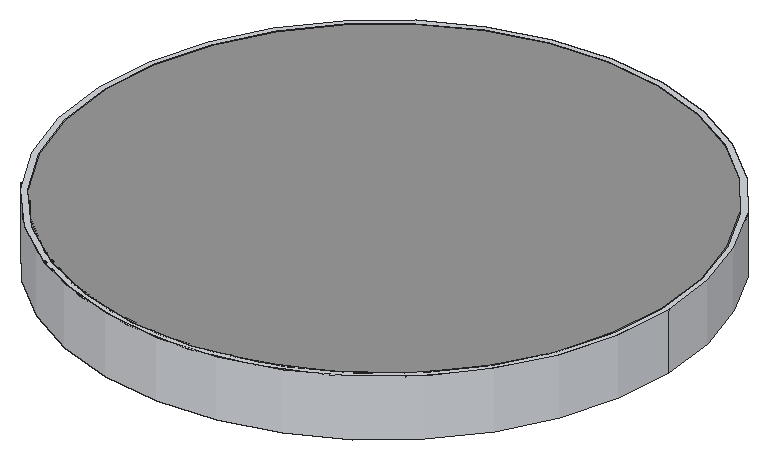
Revit family "2071210", category Lighting Fixtures, host Face, Revit 2018
Family settings
  Host = Face
  Round Connector Dimension = Use Diameter
  Part Type = Normal
  OmniClass Number = 23.80.70.00
  OmniClass Title = Lighting
  Cut with Voids When Loaded = No
  Light Source = Yes
  Shared = No
  Room Calculation Point = No
Parameters (values of type "2071210 COLOSSAL 600 840 OP DIR+H WHT EM")
  iner diameter = 588 mm
  Weight = "n/a"
  Wattage Comments = ""
  Wattage = 30 W
  WarrantyStartDate [instance] = "n/a"
  WarrantyGuarantorParts = "n/a"
  WarrantyDurationUnit = "n/a"
  WarrantyDurationParts = ""
  WarrantyDescription = "http://www.sylvania-lighting.com"
  built-in parameter 1150110 = 1 (stored number, unit not read)
  Voltage = 230 V
  URL = "0.95"
  TypeName = "COLOSSAL 600mm 840 OPAL DIR+HAL WHITE EM"
  Type Image = <None>
  Type Comments = "n/a"
  built-in parameter 1114217 = 1 (stored number, unit not read)
  Tilt Angle = -90.00°
  built-in parameter 1150109 = 1 (stored number, unit not read)
  built-in parameter 1150134 = (empty or 0)
  built-in parameter 1150113 = 1 (stored number, unit not read)
  SerialNumber [instance] = "n/a"
  Photometric Web File = "2071210.ies"
  Material_3_SYL = LED-Sylvania
  PowerFactor = 0
  PowerConsumption = "Lighting"
  NominalLength = 600 mm
  NominalHeight = 93 mm
  NominalDepth = 600 mm
  Name = "COLOSSAL 600mm 840 OPAL DIR+HAL WHITE EM"
  ModelReference = Name  # "COLOSSAL 600mm 840 OPAL DIR+HAL WHITE EM"
  ModelNumber = "2071210"
  Model = Name  # "COLOSSAL 600mm 840 OPAL DIR+HAL WHITE EM"
  Material = "Feilo Sylvania"
  ManufacturerName = "131 lm/W"
  Manufacturer = ""
  LuminousEfficacy = ""
  built-in parameter 1150105 = 270.44 (stored number, unit not read)
  Lumens = 3398.4 lm
  LuminaireType = "0"
  built-in parameter 1150115 = 1 (stored number, unit not read)
  LightOutputRatio = "LED"
  built-in parameter 1150137 = (empty or 0)
  built-in parameter 1150139 = (empty or 0)
  LampsType = Lamp  # "n/a"
  LampNominalLuminous = "4000 K"
  LampMacAdamStep = "80"
  LampColourTemperature = "LED"
  LampColourRenderingIndex = "16500"
  built-in parameter 1150112 = 1 (stored number, unit not read)
  built-in parameter 1150114 = 1 (stored number, unit not read)
  Lamp = "n/a"
  Keynote = "n/a"
  InstallationDate [instance] = "n/a"
  InputVoltage = "0"
  InputNominalFrequency = "4000"
  built-in parameter 1150132 = (empty or 0)
  built-in parameter 1150102 = (empty or 0)
  built-in parameter 1150107 = 3000 (stored number, unit not read)
  built-in parameter 1150138 = (empty or 0)
  IngressProtection = "IfcLightFixtureType"
  ImpactProtectionIndex = "IfcLightFixtureType"
  built-in parameter 1150106 = 2.7044 (stored number, unit not read)
  IfcExportType = "IfcLightFixtureType"
  IfcExportAs = "Class I"
  Emit from Circle Diameter = 385 mm
  Emit Shape Visible in Rendering = no
  ElectricShockClassification = "131"
  built-in parameter 1150104 = 10.524 (stored number, unit not read)
  DocumentationLiterature = "http://www.sylvania-lighting.com/product/en-int/products/2071210"
  DimmingControlOptions = "n/a"
  Material_2_SYL = Polycarbonate_Sylvania_White
  Dimming Lamp Color Temperature Shift = <None>
  Description = "600mm diameter circular architectural luminaire, can be surface mounted or suspended. Powder coated aluminium housing (RAL9016) with polycarbonate opal diffuser. Direct/indirect (halo) light distribution, 5445lm luminuous flux, 41.5W system power, 131lm/W luminiaire efficacy. Constant current driver. 3 hours integrated emergency. Colour rendering index Ra >80, 4000K Neutral White LED, chromaticity tolerance of 3-step MacAdam ellipse. IP40, IK03. 450mA drive current. Electrical protection Class1, 220-240V. Reported lifetime 66k hours L90B10."
  Default Elevation = 1219.2 mm
  CreatedOn = "23/03/2022"
  CreatedBy = "@sylvania-lighting.com"
  Cost = 0
  Color Filter = 16777215
  built-in parameter 1114216 [instance] = (empty or 0)
  ClassificationValue = "EF_70_80"
  ClassificationName = "Uniclass2015"
  Material_1_SYL = Polycarbonate_Sylvania_Opal
  BarCode [instance] = "n/a"
  built-in parameter 1114218 = 1 (stored number, unit not read)
  built-in parameter 1150133 = 10 (stored number, unit not read)
  AssetType = "Fixed"
  AssetIdentifier [instance] = "n/a"
  Assembly Code = "D5020200"
  Apparent Load = 41.5 VA
  Material_4_SYL = none
Reference planes
  plane 1 "Center (Front/Back)": y = 0
  plane 2: z = 0
  plane 3 "Center (Left/Right)": x = 0
  plane 4: x = -300
  plane 5: x = 300
  plane 6: y = 300
  plane 7: y = -300
  plane 8: y = 212
  plane 9: y = -212
  plane 10: z = 93
  plane 11: y = 294
  plane 12: y = -294
  plane 13: through (0, 0, 1219.2) normal (0.5, -0.866, 0)
  plane 14: through (-134.29, 20.617, 1219.2) normal (0.5, -0.866, 0)
  plane 15: through (-144.685, -181.683, 1219.2) normal (-0.5, 0.866, 0)
  plane 16: through (0, 0, 1219.2) normal (0.5, 0.866, 0)
  plane 17: through (178.555, -4.939, 1219.2) normal (0.5, 0.866, 0)
  plane 18: through (87.581, -148.715, 1219.2) normal (0.5, 0.866, 0)
  plane 19: y = 272
  plane 20: through (105.168, 227.067, 1219.2) normal (0.866, 0.5, 0)
  plane 21: through (-104.171, 225.672, 1219.2) normal (0.8572, -0.515, 0)
  plane 22: y = -204.612
  plane 23: through (-296.643, -30.2, 1219.2) normal (0.866, 0.5, 0)
  plane 24: through (153.092, -278.837, 1219.2) normal (-0.866, 0.5, 0)
Forms (mm)
  Extrusion 1, solid, detail levels medium+fine
    sketch origin (0, 0, 0) x (1, 0, 0) y (0, 1, 0)
      loop
        circle (0, 0) r 300
    from 33.023 to 93
  Extrusion 2, void
    sketch origin (0, 0, 0) x (1, 0, 0) y (0, 1, 0)
      loop
        circle (0, 0) r 294
    from 93 to 37.292
  Extrusion 3, solid, material "Glass, White, High Luminance", detail levels fine
    sketch origin (0, 0, 0) x (1, 0, 0) y (0, 1, 0)
      loop
        circle (0, 0) r 294
    from 88.026 to 93
  Extrusion 4, solid, detail levels coarse
    sketch origin (0, 0, 0) x (1, 0, 0) y (0, 1, 0)
      loop
        line (-300, 300) -> (-300, -300) -> (300, -300) -> (300, 300) -> (-300, 300)
    from 0 to 93
  Blend 5, solid, detail levels medium+fine
    base sketch origin (0, 0, 0) x (1, 0, 0) y (0, 1, 0)
      loop
        line (-76.334, 272) -> (-277.665, -63.07) -> (-195.946, -204.612) -> (195.946, -204.612) -> (275.172, -67.388) -> (79.226, 272) -> (-76.334, 272)
    top sketch origin (0, 0, 0) x (1, 0, 0) y (0, 1, 0)
      loop
        line (-226.097, -32.388) -> (-141.097, -179.612) -> (141.097, -179.612) -> (226.097, -32.388) -> (85, 212) -> (-85, 212) -> (-226.097, -32.388)
    from 33.023 to 0
Cuts and joins
  Extrusion 2 cuts Extrusion 1
Lines and regions (mm)
  model lines
    curve 1: line (-85, 212, 0) -> (0, 212, 0)
    curve 2: line (0, 212, 0) -> (85, 212, 0)
Dimensions and locks
  "NominalDepth": plane 6 to plane 7
  "NominalLength": plane 4 to plane 5
  equal spacing: plane 4, plane 3 "Center (Left/Right)", plane 5
  "iner diameter": plane 11 to plane 12
  equal spacing: plane 11, plane 1 "Center (Front/Back)", plane 12
  equal spacing: plane 6, plane 1 "Center (Front/Back)", plane 7
  "NominalHeight": plane 10 to level
  radius of Extrusion 2 sketch curve = 294 mm
  aligned and locked: plane 2 to host face
  aligned and locked: level to host face
Automatic sketch dimensions
  host sketch curve to host sketch curve = 2438.4 mm  (x2)
  plane 1 "Center (Front/Back)" to Extrusion 1 sketch curve = 0 mm
  Extrusion 1 sketch curve to plane 3 "Center (Left/Right)" = 0 mm
  plane 1 "Center (Front/Back)" to Extrusion 2 sketch curve = 0 mm
  Extrusion 2 sketch curve to plane 3 "Center (Left/Right)" = 0 mm
  plane 1 "Center (Front/Back)" to Extrusion 3 sketch curve = 0 mm
  Extrusion 3 sketch curve to plane 3 "Center (Left/Right)" = 0 mm
  Extrusion 4 sketch curve to plane 4 = 0 mm
  Extrusion 4 sketch curve to plane 5 = 0 mm
  Extrusion 4 sketch curve to plane 7 = 0 mm
  Extrusion 4 sketch curve to plane 6 = 0 mm
  Blend 5 sketch curve to plane 8 = 0 mm
  Blend 5 sketch curve to plane 3 "Center (Left/Right)" = 85 mm
  plane 3 "Center (Left/Right)" to Blend 5 sketch curve = 85 mm
  plane 9 to Blend 5 sketch curve = 32.388 mm
  plane 3 "Center (Left/Right)" to Blend 5 sketch curve = 141.097 mm
  plane 1 "Center (Front/Back)" to Blend 5 sketch curve = 32.388 mm  (x2)
  Blend 5 sketch curve to plane 5 = 73.903 mm
  Blend 5 sketch curve to plane 3 "Center (Left/Right)" = 141.097 mm
  plane 4 to Blend 5 sketch curve = 73.903 mm
  curve 1 to plane 8 = 0 mm
  curve 2 to plane 3 "Center (Left/Right)" = 0 mm
  curve 1 to plane 3 "Center (Left/Right)" = 85 mm
  curve 1 to curve 2 = 85 mm
  Blend 5 sketch curve to plane 21 = 0 mm
  Blend 5 sketch curve to plane 23 = 0 mm  (x2)
  Blend 5 sketch curve to plane 22 = 0 mm
  Blend 5 sketch curve to plane 19 = 0 mm
  plane 21 to Blend 5 sketch curve = 0 mm
  Blend 5 sketch curve to plane 20 = 0 mm  (x2)
  Blend 5 sketch curve to plane 24 = 0 mm  (x2)
  radius of Extrusion 1 sketch curve = 300 mm
  radius of Extrusion 3 sketch curve = 294 mm
Connectors
  electrical at (0, 0, 0), driven by "Apparent Load", driven by "PowerFactor", driven by "Voltage"
    settings: index 1, voltage 230 V, apparent load 41.5 VA, apparent load phase1 0 VA, apparent load phase2 0 VA, apparent load phase3 0 VA, power factor 0, load classification "Lighting", number of poles 1, system type 30, power factor state 1, is connector primary yes, connector utility no, sub classification motor no, connector description ""
